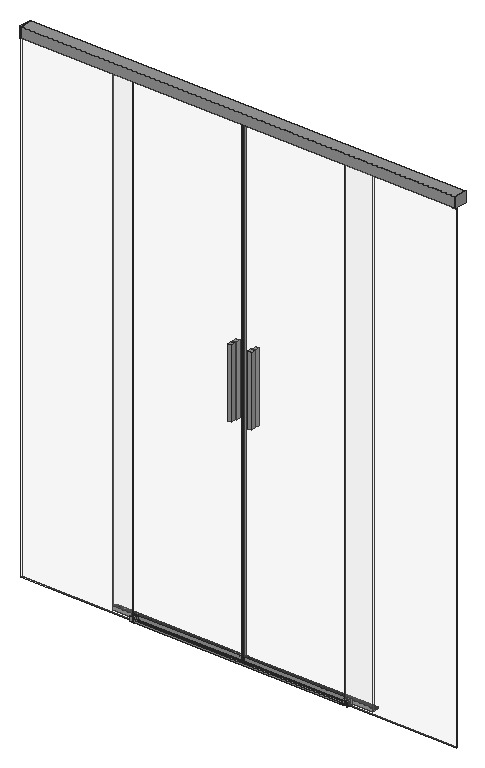
Revit family "Sanitary_Shower-screens_Duscholux_D5Custom20_Slider-twin-door-shower", category Aparatos sanitarios, Revit 2019
Family settings
  Cota de conector redondo = Diámetro de uso
  Tipo de pieza = Normal
  Número OmniClass = 23.45.00.00
  Título OmniClass = Sanitary, Laundry, and Cleaning Equipment
  Se basa en plano de trabajo = No
  Siempre vertical = Sí
  Corte con vacíos al cargar = No
  Compartido = No
  Punto de cálculo de habitación = No
Parameters (values of type "Black Aluminium Finish")
  Uper profile guide = Anodized Aluminium_Duscholux Material-Black Finish
  URL = "http://www.duscholux.es/"
  Thickness Safety Glass Sliding = 8 mm  # constant formula
  Technical Inspection Certificate (Applus) = "http://www.duscholux.es/resources/custom/var/APPLUS_en.pdf"
  Series = "D5"
  Ref. = "UAB"
  Products = "http://www.duscholux.es/mamparas_filtro.aspx?es"
  Optional = "Towel rail / Shelf / Customizable Uper profile guide"
  Opening System Image = "https://duscholux.es/resources/custom/img/mamparas/plumas/2F2PFDC.gif"
  Opening System = "Sliding"
  Opening Percentage = 0
  Modelo = "D5 Custom20"
  Maintenance and Cleaning = "http://www.duscholux.es/mamparas_limpieza.aspx?en"
  Image = "https://duscholux.es/resources/custom/img/mamparas/D5%20CUSTOM20/modelos/2F2PFDC/mampara_h.jpg"
  Handle Material = Anodized Aluminium_Duscholux Material-Black Finish
  Glass in Building UNE EN 12150 = "CE Conformity marking"
  Glass Material = Glass_Material-Duscholux
  Frame Material = Anodized Aluminium_Duscholux Material-Black Finish
  Fact Sheet = "https://duscholux.blob.core.windows.net/pdf2022/en/Custom2F2PFD.pdf"
  Fabricante = "Duscholux Ibérica, S.A."
  Thickness Safety Glass Fixed Panel = 8 mm  # constant formula
  Environmental Management ISO 14001 = "ECOEMBES Certificate"
  Descripción = "2 fixed segments + slider twin doors"
  Configuration enclosure = "http://configuratumampara.duscholux.es/eCatalogo.aspx"
  Components = "Eropean components"
  Combinations = "Lateral 90°"
  Código de montaje = "C1030200"
  Certified Quality UNE EN 14428 = "http://www.duscholux.es/duscholux_downloads.aspx?es"
  Opening Door = (((Min Max Width / 4) - 80 mm) * Opening Percentage / 100) + 5 mm  # 5 mm
  Sliding Door Width = (Min Max Width / 4) + 14 mm - 5 mm  # 559 mm
  Min Max Width = if(Width < 1400 mm, 1400 mm, if(Width > 2500 mm, 2500 mm, Width))  # 2200 mm
  Width = 2200 mm
  Handle Height = Max Height / 2  # 1250 mm
  Max Height = if(Height > 2500 mm, 2500 mm, Height)  # 2500 mm
  Height = 2500 mm
  Accesories Material = Anodized Aluminium_Duscholux Material-Black Finish
Types (4, lengths in mm): name | Uper profile guide | Opening System Image | Handle Material | Frame Material | Accesories Material
  (no name) | Anodized Aluminium_Duscholux Material-Black Finish | "https://duscholux.es/resources/custom/img/mamparas/plumas/2F2PFDC.gif" | Anodized Aluminium_Duscholux Material-Black Finish | Anodized Aluminium_Duscholux Material-Black Finish | Anodized Aluminium_Duscholux Material-Black Finish
  Matte Silver Aluminium Finish | Anodized Aluminium_Duscholux Material-Matte Silver Finish | "https://duscholux.es/resources/custom/img/mamparas/plumas/2F2PFDC.gif" | Zamac_Duscholux Material-Chrome Finish | Anodized Aluminium_Duscholux Material-Matte Silver Finish | Anodized Aluminium_Duscholux Material-Platinum Finish
  Platinum Aluminium Finish | Anodized Aluminium_Duscholux Material-Platinum Finish | "http://blob.duscholux.es/pluma512/FDIzq1f1pcorredera.gif" | Zamac_Duscholux Material-Chrome Finish | Anodized Aluminium_Duscholux Material-Platinum Finish | Anodized Aluminium_Duscholux Material-Platinum Finish
  Black Aluminium Finish | Anodized Aluminium_Duscholux Material-Black Finish | "https://duscholux.es/resources/custom/img/mamparas/plumas/2F2PFDC.gif" | Anodized Aluminium_Duscholux Material-Black Finish | Anodized Aluminium_Duscholux Material-Black Finish | Anodized Aluminium_Duscholux Material-Black Finish
Reference planes
  plane 1 "Centro (Frontal/Posterior)": y = 0
  plane 2: z = 0
  plane 3 "Centro (Izquierda/Derecha)": x = -5.5
  plane 4: x = 555.5
  plane 5: z = 2500
  plane 6: x = 1091.5
  plane 7: x = -8.5
  plane 8: z = 1250
  plane 9: x = 541.5
  plane 10: x = 527.25
  plane 11: y = 26.104
  plane 12: z = 0
  plane 13: x = 564.5
  plane 14: z = 2448
  plane 15: z = 2453.154
  plane 16: x = 293.398
  plane 17: x = 1627.5
  plane 18: x = 1641.5
  plane 19: x = 1655.75
  plane 20: x = 1618.5
  plane 21: x = 2191.5
  plane 22: x = 2188.5
Forms (mm)
  Extrusion 1, solid, material "Glass_Material-Duscholux" <- "Glass Material"
    sketch origin (500, 0, 0) x (1, 0, 0) y (0, 1, 0)
      loop
        line (-508.5, 4) -> (-508.5, -4) -> (55.5, -4) -> (55.5, 4) -> (-508.5, 4)
    from 1.937 to 2453.154
  Extrusion 2, solid, material "Glass_Material-Duscholux" <- "Glass Material"
    sketch origin (-739.119, -5.278, 0) x (1, 0, 0) y (0, 1, 0)
      loop
        line (1172.619, 35.382) -> (1172.619, 27.382) -> (1825.619, 27.382) -> (1825.619, 35.382) -> (1172.619, 35.382)
    from 3.247 to 2448
  Extrusion 3, solid, material "Anodized Aluminium_Duscholux Material-Black Finish" <- "Accesories Material", detail levels fine
    sketch origin (-5.5, -2.57, 0) x (0, 1, 0) y (0, 0, 1)
      loop
        line (-2.433, 7.579) -> (-2.433, 0) -> (7.636, 0) -> (7.636, 7.574)
        arc (7.636, 7.574) -> (6.912, 9.32) -> (5.166, 10.043) r 2.47
        line (5.166, 10.043) -> (0.032, 10.043)
        arc (0.032, 10.043) -> (-1.711, 9.321) -> (-2.433, 7.579) r 2.465
    from 570 to 1624
  Extrusion 4, solid, material "Anodized Aluminium_Duscholux Material-Black Finish" <- "Uper profile guide"
    sketch origin (-5.5, 0, 0) x (0, 1, 0) y (0, 0, 1)
      loop
        line (-9.997, 2499) -> (-9.997, 2449.124) -> (-7.5, 2449.124) -> (-7.5, 2499) -> (-9.997, 2499)
    from 0 to 2194
  Extrusion 5, solid, material "Anodized Aluminium_Duscholux Material-Black Finish" <- "Frame Material"
    sketch origin (-5.5, 0, 0) x (0, 1, 0) y (0, 0, 1)
      loop
        line (-9.993, 2500) -> (-9.993, 2499) -> (-7.5, 2499) -> (-7.5, 2449.124) -> (-9.993, 2449.124) -> (-9.993, 2448) -> (-5.497, 2448) -> (-5.497, 2453.154) -> (5.503, 2453.154) -> (5.503, 2448) -> (21.382, 2448) -> (21.382, 2451.5) -> (7.803, 2451.5) -> (7.803, 2489.372) -> (42.403, 2489.372) -> (42.403, 2451.5) -> (33.536, 2451.5) -> (30.913, 2451.5) -> (30.913, 2448) -> (51.003, 2448) -> (51.003, 2500) -> (-9.993, 2500)
    from 0 to 2194
  Extrusion 6, solid, material "Anodized Aluminium_Duscholux Material-Black Finish" <- "Accesories Material"
    sketch origin (-5.5, 0, 0) x (0, 1, 0) y (0, 0, 1)
      loop
        line (51.003, 2500) -> (-9.993, 2500) -> (-9.993, 2448) -> (-5.497, 2448) -> (-5.497, 2453.154) -> (5.503, 2453.154) -> (5.503, 2448) -> (51.003, 2448) -> (51.003, 2500)
    from -3 to 0
  Extrusion 7, solid, material "Anodized Aluminium_Duscholux Material-Black Finish" <- "Accesories Material", detail levels medium+fine
    sketch origin (0, 0, 0) x (1, 0, 0) y (0, 1, 0)
      loop
        line (541.5, 6.547) -> (541.5, 4.098) -> (555.5, 4.098) -> (555.5, -4.002) -> (541.5, -4.002) -> (541.5, -6.452)
        arc (541.5, -6.452) -> (541.646, -6.806) -> (542, -6.952) r 0.5
        line (542, -6.952) -> (564, -6.952)
        arc (564, -6.952) -> (564.353, -6.806) -> (564.5, -6.452) r 0.5
        line (564.5, -6.452) -> (564.5, 6.548)
        arc (564.5, 6.548) -> (564.354, 6.901) -> (564, 7.047) r 0.5
        line (564, 7.047) -> (542, 7.047)
        arc (542, 7.047) -> (541.646, 6.901) -> (541.5, 6.547) r 0.5
    from 0 to 23
  Extrusion 8, solid, material "Anodized Aluminium_Duscholux Material-Black Finish" <- "Accesories Material", detail levels medium+fine
    sketch origin (50, 0, 0) x (1, 0, 0) y (0, 1, 0)
      loop
        line (492.5, 8.348) -> (492.5, 7.047) -> (513.5, 7.047) -> (513.5, 8.348) -> (492.5, 8.348)
    from 0 to 18.641
  Extrusion 9, solid, material "Anodized Aluminium_Duscholux Material-Black Finish" <- "Accesories Material", detail levels medium+fine
    sketch origin (-5.5, -1.517, 0) x (0, 1, 0) y (0, 0, 1)
      loop
        line (18.142, 0) -> (32.674, 0) -> (32.674, 1.937) -> (22.658, 1.937) -> (22.048, 3.247) -> (22.048, 17.613)
        arc (22.048, 17.613) -> (21.323, 18.338) -> (20.598, 17.613) r 0.725
        line (20.598, 17.613) -> (20.598, 2.081)
        arc (20.598, 2.081) -> (19.751, 0.59) -> (18.142, 0) r 2.49
    from 548 to 569
  Extrusion 10, solid, material "Anodized Aluminium_Duscholux Material-Black Finish" <- "Accesories Material", detail levels medium+fine
    sketch origin (-5.5, 0, 0) x (0, 1, 0) y (0, 0, 1)
      loop
        line (16.624, 21.54) -> (8.348, 21.54) -> (8.348, 0) -> (16.624, 0)
        arc (16.624, 0) -> (18.234, 0.59) -> (19.08, 2.081) r 2.49
        line (19.08, 2.081) -> (19.08, 18.641)
        arc (19.08, 18.641) -> (18.524, 20.66) -> (16.624, 21.54) r 2.49
    from 547 to 570
  Extrusion 11, solid, material "Plástico, transparente", detail levels fine
    sketch origin (-5.5, 0, 0) x (0, 1, 0) y (0, 0, 1)
      loop
        line (53.604, 7.939) -> (30.613, 19.957)
        arc (30.613, 19.957) -> (30.035, 19.897) -> (29.865, 19.34) r 0.526
        line (29.865, 19.34) -> (30.104, 18.42) -> (30.104, 3.247) -> (22.104, 3.247) -> (22.104, 19.859) -> (21.222, 19.757) -> (21.222, 1.937) -> (31.156, 1.937) -> (31.156, 15.691)
        arc (31.156, 15.691) -> (31.449, 16.325) -> (32.121, 16.515) r 0.834
        line (32.121, 16.515) -> (52.104, 6.92) -> (52.104, 1.207)
        arc (52.104, 1.207) -> (52.809, 0.774) -> (53.604, 1.006) r 1.02
        line (53.604, 1.006) -> (53.604, 7.939)
    from 439 to 1092
  Extrusion 12, solid, material "Glass_Material-Duscholux" <- "Glass Material"
    sketch origin (1883, 0, 0) x (-1, 0, 0) y (0, -1, 0)
      loop
        line (-308.5, -4) -> (255.5, -4) -> (255.5, 4) -> (-308.5, 4) -> (-308.5, -4)
    from 1.937 to 2453.154
  Extrusion 13, solid, material "Glass_Material-Duscholux" <- "Glass Material"
    sketch origin (2612.071, -5.278, 0) x (-1, 0, 0) y (0, -1, 0)
      loop
        line (862.571, -35.382) -> (1515.571, -35.382) -> (1515.571, -27.382) -> (862.571, -27.382) -> (862.571, -35.382)
    from 3.247 to 2453.154
  Extrusion 14, solid, material "Anodized Aluminium_Duscholux Material-Black Finish" <- "Accesories Material", detail levels medium+fine
    sketch origin (2383, 0, 0) x (-1, 0, 0) y (0, -1, 0)
      loop
        arc (741.5, -6.547) -> (741.647, -6.901) -> (742, -7.047) r 0.5
        line (742, -7.047) -> (764, -7.047)
        arc (764, -7.047) -> (764.354, -6.901) -> (764.5, -6.548) r 0.5
        line (764.5, -6.548) -> (764.5, 6.452)
        arc (764.5, 6.452) -> (764.353, 6.806) -> (764, 6.952) r 0.5
        line (764, 6.952) -> (742, 6.952)
        arc (742, 6.952) -> (741.646, 6.806) -> (741.5, 6.452) r 0.5
        line (741.5, 6.452) -> (741.5, 4.002) -> (755.5, 4.002) -> (755.5, -4.098) -> (741.5, -4.098) -> (741.5, -6.547)
    from 0 to 23
  Extrusion 15, solid, material "Anodized Aluminium_Duscholux Material-Black Finish" <- "Accesories Material", detail levels medium+fine
    sketch origin (2333, 0, 0) x (-1, 0, 0) y (0, -1, 0)
      loop
        line (692.5, -8.348) -> (713.5, -8.348) -> (713.5, -7.047) -> (692.5, -7.047) -> (692.5, -8.348)
    from 0 to 18.641
  Extrusion 16, solid, material "Anodized Aluminium_Duscholux Material-Black Finish" <- "Accesories Material", detail levels medium+fine
    sketch origin (2388.5, -1.517, 0) x (0, 1, 0) y (0, 0, -1)
      loop
        arc (18.142, 0) -> (19.751, -0.59) -> (20.598, -2.081) r 2.49
        line (20.598, -2.081) -> (20.598, -17.613)
        arc (20.598, -17.613) -> (21.323, -18.338) -> (22.048, -17.613) r 0.725
        line (22.048, -17.613) -> (22.048, -3.247) -> (22.658, -1.937) -> (32.674, -1.937) -> (32.674, 0) -> (18.142, 0)
    from 748 to 769
  Extrusion 17, solid, material "Anodized Aluminium_Duscholux Material-Black Finish" <- "Accesories Material", detail levels medium+fine
    sketch origin (2388.5, 0, 0) x (0, 1, 0) y (0, 0, -1)
      loop
        arc (16.624, -21.54) -> (18.524, -20.66) -> (19.08, -18.641) r 2.49
        line (19.08, -18.641) -> (19.08, -2.081)
        arc (19.08, -2.081) -> (18.234, -0.59) -> (16.624, 0) r 2.49
        line (16.624, 0) -> (8.348, 0) -> (8.348, -21.54) -> (16.624, -21.54)
    from 747 to 770
  Extrusion 18, solid, material "Plástico, transparente", detail levels fine
    sketch origin (2388.5, 0, 0) x (0, 1, 0) y (0, 0, -1)
      loop
        line (53.604, -7.939) -> (53.604, -1.006)
        arc (53.604, -1.006) -> (52.809, -0.774) -> (52.104, -1.207) r 1.02
        line (52.104, -1.207) -> (52.104, -6.92) -> (32.121, -16.515)
        arc (32.121, -16.515) -> (31.449, -16.325) -> (31.156, -15.691) r 0.834
        line (31.156, -15.691) -> (31.156, -1.937) -> (21.222, -1.937) -> (21.222, -19.757) -> (22.104, -19.859) -> (22.104, -3.247) -> (30.104, -3.247) -> (30.104, -18.42) -> (29.865, -19.34)
        arc (29.865, -19.34) -> (30.035, -19.897) -> (30.613, -19.957) r 0.526
        line (30.613, -19.957) -> (53.604, -7.939)
    from 639 to 1292
  Extrusion 19, solid, material "Anodized Aluminium_Duscholux Material-Black Finish" <- "Accesories Material"
    sketch origin (2188.5, 0, 0) x (0, 1, 0) y (0, 0, -1)
      loop
        line (51.003, -2500) -> (51.003, -2448) -> (5.503, -2448) -> (5.503, -2453.154) -> (-5.497, -2453.154) -> (-5.497, -2448) -> (-9.993, -2448) -> (-9.993, -2500) -> (51.003, -2500)
    from -3 to 0
  Extrusion 20, solid, material "Anodized Aluminium_Duscholux Material-Black Finish" <- "Frame Material"
    sketch origin (0, 0, 0) x (1, 0, 0) y (0, 1, 0)
      loop
        line (1086.5, 22.104) -> (1090.275, 22.104)
        arc (1090.275, 22.104) -> (1091.141, 22.462) -> (1091.5, 23.328) r 1.225
        line (1091.5, 23.328) -> (1091.5, 28.876)
        arc (1091.5, 28.876) -> (1091.141, 29.744) -> (1090.273, 30.104) r 1.227
        line (1090.273, 30.104) -> (1086.5, 30.104) -> (1086.5, 22.104)
    from 3.247 to 2448
  Extrusion 21, solid, material "Anodized Aluminium_Duscholux Material-Black Finish" <- "Frame Material"
    sketch origin (0, 0, 0) x (1, 0, 0) y (0, 1, 0)
      loop
        line (1096.5, 30.104) -> (1092.702, 30.104)
        arc (1092.702, 30.104) -> (1091.852, 29.752) -> (1091.5, 28.902) r 1.202
        line (1091.5, 28.902) -> (1091.5, 23.3)
        arc (1091.5, 23.3) -> (1091.85, 22.454) -> (1092.696, 22.104) r 1.196
        line (1092.696, 22.104) -> (1096.5, 22.104) -> (1096.5, 30.104)
    from 3.247 to 2448
Cuts and joins
  joined: Extrusion 7, Extrusion 8
Lines and regions (mm)
  reference lines
    curve 1: line (-5.5, -2.4, 0) -> (-5.5, -2.4, 10)
    curve 2: line (2388.5, -2.4, 0) -> (2388.5, -2.4, 10)
Dimensions and locks
  locked: plane 7 to plane 3 "Centro (Izquierda/Derecha)" at 3
  "Handle Height": plane 8 to level
  level to Extrusion 3 = 10.043 mm
  locked: plane 9 to plane 4 at 14
  locked: plane 10 to plane 9 at 14.25
  "Max Height": plane 5 to plane 2
  locked: nested 2 to Extrusion 2 at 45
  locked: Extrusion 7 to Extrusion 2 at 19.753
  locked: plane 9 to plane 13 at 23
  locked: cut or joined group of Extrusion 7, Extrusion 8 to plane 13 at 1
  locked: plane 9 to Extrusion 9 at 1
  locked: plane 5 to plane 14 at 52
  locked: plane 5 to plane 15 at 46.846
  locked: plane 18 to plane 17 at 14
  locked: plane 19 to plane 18 at 14.25
  locked: plane 18 to plane 20 at 23
  "Width": plane 7 to plane 21
  equal spacing: plane 7, plane 9, plane 6, plane 18, plane 21
  locked: nested 4 to Extrusion 13 at 45
  locked: Extrusion 14 to Extrusion 13 at 19.753
  plane 18 to plane 20 = 23 mm
  locked: plane 18 to Extrusion 16 at 1
  locked: plane 22 to plane 21 at 3
  locked: plane 20 to Extrusion 16 at 1
  "Opening Door": Extrusion 2 to plane 6
  "Opening Door": plane 6 to Extrusion 13
  locked: Extrusion 2 to Extrusion 20 at 5
  locked: Extrusion 21 to Extrusion 13 at 5
  aligned and locked: level to plane 2
  aligned and locked: Extrusion 4 to plane 3 "Centro (Izquierda/Derecha)"
  aligned and locked: Extrusion 4 to Extrusion 5
  aligned and locked: plane 8 to nested 2
  aligned and locked: plane 8 to nested 1
  aligned and locked: Extrusion 6 to plane 7
  aligned and locked: plane 3 "Centro (Izquierda/Derecha)" to Extrusion 6
  aligned and locked: Extrusion 9 to cut or joined group of Extrusion 7, Extrusion 8  (x2)
  aligned and locked: cut or joined group of Extrusion 7, Extrusion 8 to Extrusion 9
  aligned and locked: Extrusion 3 to plane 13
  aligned and locked: Extrusion 3 to Extrusion 10
  aligned and locked: Extrusion 10 to plane 9
  aligned and locked: Extrusion 5 to plane 14
  aligned and locked: plane 15 to Extrusion 1
  aligned and locked: plane 14 to Extrusion 2
  aligned and locked: Extrusion 2 to Extrusion 11
  aligned and locked: Extrusion 13 to Extrusion 18
  aligned and locked: Extrusion 17 to plane 18
  aligned and locked: plane 20 to Extrusion 17
  aligned and locked: Extrusion 14 to plane 18
  aligned and locked: plane 20 to Extrusion 14
  aligned and locked: Extrusion 11 to Extrusion 2
  aligned and locked: Extrusion 18 to Extrusion 13
  aligned and locked: Extrusion 3 to plane 20
  aligned and locked: plane 15 to Extrusion 12
  aligned and locked: plane 15 to Extrusion 13
  aligned and locked: nested 3 to plane 8
  aligned and locked: nested 4 to plane 8
  aligned and locked: plane 22 to Extrusion 19
  aligned and locked: Extrusion 19 to plane 21
  aligned and locked: Extrusion 5 to plane 22
  aligned and locked: Extrusion 4 to Extrusion 19
  aligned and locked: Extrusion 20 sketch curve to Extrusion 2
  aligned and locked: Extrusion 21 sketch curve to Extrusion 13
  aligned and locked: plane 14 to Extrusion 21
  aligned and locked: plane 14 to Extrusion 20
  aligned and locked: Extrusion 21 to Extrusion 18
  aligned and locked: Extrusion 20 to Extrusion 11
Automatic sketch dimensions
  Extrusion 1 sketch curve to plane 7 = 0 mm
  Extrusion 1 sketch curve to plane 4 = 0 mm
  plane 1 "Centro (Frontal/Posterior)" to Extrusion 1 sketch curve = 4 mm
  Extrusion 1 sketch curve to plane 1 "Centro (Frontal/Posterior)" = 4 mm
  Extrusion 2 sketch curve to plane 10 = 93.75 mm
  Extrusion 2 sketch curve to plane 6 = 5 mm
  Extrusion 2 sketch curve to plane 11 = 4 mm
  plane 11 to Extrusion 2 sketch curve = 4 mm
  curve 1 to level = 0 mm
  plane 1 "Centro (Frontal/Posterior)" to curve 1 = 2.4 mm
  curve 1 to curve 1 = 10 mm
  Extrusion 3 sketch curve to level = 0 mm
  plane 1 "Centro (Frontal/Posterior)" to Extrusion 3 sketch curve = 5.003 mm
  Extrusion 3 sketch curve to Extrusion 3 sketch curve = 2.465 mm
  Extrusion 3 sketch curve to plane 1 "Centro (Frontal/Posterior)" = 2.596 mm
  Extrusion 3 sketch curve to plane 1 "Centro (Frontal/Posterior)" = 5.066 mm
  Extrusion 3 sketch curve to Extrusion 3 sketch curve = 7.574 mm
  plane 14 to Extrusion 4 sketch curve = 1.124 mm
  plane 1 "Centro (Frontal/Posterior)" to Extrusion 4 sketch curve = 9.997 mm
  Extrusion 4 sketch curve to Extrusion 4 sketch curve = 2.497 mm
  Extrusion 4 sketch curve to plane 5 = 1 mm
  Extrusion 5 sketch curve to plane 5 = 0 mm
  Extrusion 5 sketch curve to plane 14 = 0 mm  (x3)
  Extrusion 5 sketch curve to plane 15 = 0 mm
  plane 1 "Centro (Frontal/Posterior)" to Extrusion 5 sketch curve = 9.993 mm  (x2)
  plane 14 to Extrusion 5 sketch curve = 1.124 mm
  Extrusion 5 sketch curve to plane 5 = 1 mm
  Extrusion 5 sketch curve to Extrusion 5 sketch curve = 2.493 mm
  Extrusion 5 sketch curve to Extrusion 5 sketch curve = 2.003 mm
  Extrusion 5 sketch curve to plane 1 "Centro (Frontal/Posterior)" = 5.503 mm
  Extrusion 5 sketch curve to plane 1 "Centro (Frontal/Posterior)" = 7.803 mm
  Extrusion 5 sketch curve to plane 11 = 4.721 mm
  Extrusion 5 sketch curve to plane 15 = 1.654 mm  (x2)
  plane 11 to Extrusion 5 sketch curve = 4.809 mm
  Extrusion 5 sketch curve to Extrusion 5 sketch curve = 2.623 mm
  plane 11 to Extrusion 5 sketch curve = 16.3 mm
  Extrusion 5 sketch curve to Extrusion 5 sketch curve = 8.6 mm
  Extrusion 5 sketch curve to plane 5 = 10.628 mm
  Extrusion 6 sketch curve to plane 5 = 0 mm
  Extrusion 6 sketch curve to plane 14 = 0 mm  (x2)
  Extrusion 6 sketch curve to plane 15 = 0 mm
  plane 1 "Centro (Frontal/Posterior)" to Extrusion 6 sketch curve = 9.993 mm
  plane 1 "Centro (Frontal/Posterior)" to Extrusion 6 sketch curve = 5.497 mm
  Extrusion 6 sketch curve to plane 1 "Centro (Frontal/Posterior)" = 5.503 mm
  plane 11 to Extrusion 6 sketch curve = 24.9 mm
  Extrusion 7 sketch curve to plane 4 = 0 mm
  Extrusion 7 sketch curve to plane 13 = 0 mm
  plane 9 to Extrusion 7 sketch curve = 0.5 mm  (x2)
  plane 9 to Extrusion 7 sketch curve = 0 mm
  Extrusion 7 sketch curve to plane 9 = 0 mm
  Extrusion 7 sketch curve to plane 13 = 0.5 mm
  Extrusion 7 sketch curve to Extrusion 7 sketch curve = 0.5 mm
  plane 1 "Centro (Frontal/Posterior)" to Extrusion 7 sketch curve = 6.952 mm
  Extrusion 7 sketch curve to Extrusion 7 sketch curve = 2.45 mm
  Extrusion 7 sketch curve to plane 1 "Centro (Frontal/Posterior)" = 4.098 mm
  Extrusion 7 sketch curve to Extrusion 7 sketch curve = 2.449 mm
  plane 9 to Extrusion 8 sketch curve = 1 mm
  Extrusion 8 sketch curve to plane 13 = 1 mm
  Extrusion 8 sketch curve to plane 1 "Centro (Frontal/Posterior)" = 7.047 mm
  Extrusion 8 sketch curve to Extrusion 8 sketch curve = 1.3 mm
  Extrusion 9 sketch curve to level = 0 mm
  Extrusion 9 sketch curve to plane 11 = 9.479 mm
  Extrusion 9 sketch curve to plane 11 = 7.023 mm
  Extrusion 9 sketch curve to Extrusion 9 sketch curve = 0.725 mm
  level to Extrusion 9 sketch curve = 1.937 mm
  Extrusion 9 sketch curve to Extrusion 9 sketch curve = 0.611 mm
  plane 11 to Extrusion 9 sketch curve = 5.053 mm
  Extrusion 9 sketch curve to Extrusion 9 sketch curve = 0.143 mm
  Extrusion 9 sketch curve to Extrusion 9 sketch curve = 1.31 mm
  Extrusion 9 sketch curve to Extrusion 9 sketch curve = 14.366 mm
  Extrusion 10 sketch curve to level = 0 mm
  Extrusion 10 sketch curve to plane 1 "Centro (Frontal/Posterior)" = 8.348 mm
  Extrusion 10 sketch curve to Extrusion 10 sketch curve = 8.277 mm  (x2)
  level to Extrusion 10 sketch curve = 2.081 mm
  Extrusion 10 sketch curve to Extrusion 10 sketch curve = 2.456 mm
  Extrusion 10 sketch curve to Extrusion 10 sketch curve = 16.152 mm
  Extrusion 10 sketch curve to Extrusion 10 sketch curve = 0.409 mm
  level to Extrusion 11 sketch curve = 1.937 mm
  Extrusion 11 sketch curve to plane 11 = 4.882 mm
  Extrusion 11 sketch curve to Extrusion 11 sketch curve = 0.882 mm
  plane 11 to Extrusion 11 sketch curve = 3.761 mm
  Extrusion 11 sketch curve to Extrusion 11 sketch curve = 0.239 mm
  Extrusion 11 sketch curve to Extrusion 11 sketch curve = 0.504 mm
  Extrusion 11 sketch curve to Extrusion 11 sketch curve = 0.244 mm
  Extrusion 11 sketch curve to Extrusion 11 sketch curve = 1.053 mm
  Extrusion 11 sketch curve to Extrusion 11 sketch curve = 0.834 mm
  Extrusion 11 sketch curve to Extrusion 11 sketch curve = 0.131 mm
  level to Extrusion 11 sketch curve = 1.207 mm
  Extrusion 11 sketch curve to Extrusion 11 sketch curve = 20.947 mm
  Extrusion 11 sketch curve to Extrusion 11 sketch curve = 0.841 mm
  Extrusion 11 sketch curve to Extrusion 11 sketch curve = 0.659 mm
  level to Extrusion 11 sketch curve = 1.006 mm
  Extrusion 11 sketch curve to Extrusion 11 sketch curve = 1.31 mm
  Extrusion 11 sketch curve to Extrusion 11 sketch curve = 5.136 mm
  Extrusion 11 sketch curve to Extrusion 11 sketch curve = 1.019 mm
  Extrusion 11 sketch curve to Extrusion 11 sketch curve = 12.444 mm
  Extrusion 11 sketch curve to Extrusion 11 sketch curve = 1.906 mm
  Extrusion 11 sketch curve to Extrusion 11 sketch curve = 0.92 mm
  Extrusion 11 sketch curve to Extrusion 11 sketch curve = 0.15 mm
  Extrusion 11 sketch curve to Extrusion 11 sketch curve = 0.416 mm
  Extrusion 11 sketch curve to Extrusion 11 sketch curve = 0.103 mm
  Extrusion 12 sketch curve to plane 21 = 0 mm
  Extrusion 12 sketch curve to plane 17 = 0 mm
  Extrusion 12 sketch curve to plane 1 "Centro (Frontal/Posterior)" = 4 mm
  plane 1 "Centro (Frontal/Posterior)" to Extrusion 12 sketch curve = 4 mm
  plane 19 to Extrusion 13 sketch curve = 93.75 mm
  Extrusion 13 sketch curve to plane 6 = 5 mm
  plane 11 to Extrusion 13 sketch curve = 4 mm
  Extrusion 13 sketch curve to plane 11 = 4 mm
  Extrusion 14 sketch curve to plane 18 = 0 mm  (x2)
  Extrusion 14 sketch curve to plane 17 = 0 mm
  Extrusion 14 sketch curve to plane 20 = 0 mm
  Extrusion 14 sketch curve to Extrusion 14 sketch curve = 0.5 mm
  Extrusion 14 sketch curve to plane 18 = 0.5 mm
  plane 20 to Extrusion 14 sketch curve = 0.5 mm  (x2)
  Extrusion 14 sketch curve to plane 1 "Centro (Frontal/Posterior)" = 6.952 mm
  Extrusion 14 sketch curve to Extrusion 14 sketch curve = 2.45 mm
  plane 1 "Centro (Frontal/Posterior)" to Extrusion 14 sketch curve = 4.098 mm
  Extrusion 14 sketch curve to Extrusion 14 sketch curve = 2.449 mm
  Extrusion 15 sketch curve to plane 18 = 1 mm
  plane 20 to Extrusion 15 sketch curve = 1 mm
  plane 1 "Centro (Frontal/Posterior)" to Extrusion 15 sketch curve = 7.047 mm
  Extrusion 15 sketch curve to Extrusion 15 sketch curve = 1.3 mm
  Extrusion 16 sketch curve to level = 0 mm
  plane 11 to Extrusion 16 sketch curve = 9.479 mm
  plane 11 to Extrusion 16 sketch curve = 7.023 mm
  Extrusion 16 sketch curve to Extrusion 16 sketch curve = 0.725 mm
  Extrusion 16 sketch curve to level = 1.937 mm
  Extrusion 16 sketch curve to Extrusion 16 sketch curve = 0.611 mm
  Extrusion 16 sketch curve to plane 11 = 5.053 mm
  Extrusion 16 sketch curve to Extrusion 16 sketch curve = 0.143 mm
  Extrusion 16 sketch curve to Extrusion 16 sketch curve = 1.31 mm
  Extrusion 16 sketch curve to Extrusion 16 sketch curve = 14.366 mm
  Extrusion 17 sketch curve to level = 0 mm
  plane 1 "Centro (Frontal/Posterior)" to Extrusion 17 sketch curve = 8.348 mm
  Extrusion 17 sketch curve to Extrusion 17 sketch curve = 8.277 mm  (x2)
  Extrusion 17 sketch curve to level = 2.081 mm
  Extrusion 17 sketch curve to Extrusion 17 sketch curve = 2.456 mm
  Extrusion 17 sketch curve to Extrusion 17 sketch curve = 16.152 mm
  Extrusion 17 sketch curve to Extrusion 17 sketch curve = 0.409 mm
  Extrusion 18 sketch curve to level = 1.937 mm
  plane 11 to Extrusion 18 sketch curve = 4.882 mm
  Extrusion 18 sketch curve to Extrusion 18 sketch curve = 0.882 mm
  Extrusion 18 sketch curve to plane 11 = 3.761 mm
  Extrusion 18 sketch curve to Extrusion 18 sketch curve = 0.239 mm
  Extrusion 18 sketch curve to Extrusion 18 sketch curve = 0.504 mm
  Extrusion 18 sketch curve to Extrusion 18 sketch curve = 0.244 mm
  Extrusion 18 sketch curve to Extrusion 18 sketch curve = 1.053 mm
  Extrusion 18 sketch curve to Extrusion 18 sketch curve = 0.834 mm
  Extrusion 18 sketch curve to Extrusion 18 sketch curve = 0.131 mm
  Extrusion 18 sketch curve to level = 1.207 mm
  Extrusion 18 sketch curve to Extrusion 18 sketch curve = 20.947 mm
  Extrusion 18 sketch curve to Extrusion 18 sketch curve = 0.841 mm
  Extrusion 18 sketch curve to Extrusion 18 sketch curve = 0.659 mm
  Extrusion 18 sketch curve to level = 1.006 mm
  Extrusion 18 sketch curve to Extrusion 18 sketch curve = 1.31 mm
  Extrusion 18 sketch curve to Extrusion 18 sketch curve = 5.136 mm
  Extrusion 18 sketch curve to Extrusion 18 sketch curve = 1.019 mm
  Extrusion 18 sketch curve to Extrusion 18 sketch curve = 12.444 mm
  Extrusion 18 sketch curve to Extrusion 18 sketch curve = 1.906 mm
  Extrusion 18 sketch curve to Extrusion 18 sketch curve = 0.92 mm
  Extrusion 18 sketch curve to Extrusion 18 sketch curve = 0.15 mm
  Extrusion 18 sketch curve to Extrusion 18 sketch curve = 0.416 mm
  Extrusion 18 sketch curve to Extrusion 18 sketch curve = 0.103 mm
  curve 2 to level = 0 mm
  curve 2 to plane 1 "Centro (Frontal/Posterior)" = 2.4 mm
  curve 2 to level = 10 mm
  Extrusion 19 sketch curve to plane 5 = 0 mm
  Extrusion 19 sketch curve to plane 14 = 0 mm  (x2)
  Extrusion 19 sketch curve to plane 15 = 0 mm
  plane 1 "Centro (Frontal/Posterior)" to Extrusion 19 sketch curve = 9.993 mm
  plane 1 "Centro (Frontal/Posterior)" to Extrusion 19 sketch curve = 5.497 mm
  Extrusion 19 sketch curve to plane 1 "Centro (Frontal/Posterior)" = 5.503 mm
  plane 11 to Extrusion 19 sketch curve = 24.9 mm
  Extrusion 20 sketch curve to Extrusion 20 sketch curve = 3.773 mm
  Extrusion 20 sketch curve to Extrusion 20 sketch curve = 3.775 mm
  Extrusion 20 sketch curve to Extrusion 20 sketch curve = 1.227 mm
  Extrusion 20 sketch curve to plane 11 = 4 mm
  plane 11 to Extrusion 20 sketch curve = 2.773 mm
  Extrusion 21 sketch curve to Extrusion 21 sketch curve = 3.798 mm
  Extrusion 21 sketch curve to Extrusion 21 sketch curve = 3.804 mm
  Extrusion 21 sketch curve to Extrusion 21 sketch curve = 1.196 mm
  Extrusion 21 sketch curve to plane 11 = 4 mm
  plane 11 to Extrusion 21 sketch curve = 2.798 mm
Nested families
  nested 1: "Handle-ext-D5" at (1041.5, 22.104, 1250) x (-1, 0, 0) z (0, -1, 0), type "Handle-ext-D5", detail levels medium+fine
  nested 2: "Handle-int-D5" at (1041.5, 30.104, 1250) x (1, 0, 0) z (0, 1, 0), type "Handle-int-D5", detail levels medium+fine
  nested 3: "Handle-ext-D5" at (1141.5, 22.104, 1250) x (1, 0, 0) z (0, -1, 0), type "Handle-ext-D5", detail levels medium+fine
  nested 4: "Handle-int-D5" at (1141.5, 30.104, 1250) x (-1, 0, 0) z (0, 1, 0), type "Handle-int-D5", detail levels medium+fine
Definition of nested family "Handle-ext-D5"
  Parameters (values of type "Handle-ext-D5")
    Long. tirador = 350 mm
    Handle Material = none
    Espesor = 19 mm
    Default Elevation = 1219.2 mm
  Reference planes
    plane 1 "Centro (Frontal/Posterior)": y = 0
    plane 2: z = 0
    plane 3 "Centro (Izquierda/Derecha)": x = 0
    plane 4: y = 175
    plane 5: y = -175
    plane 6: x = -9.5
    plane 7: x = 9.5
    plane 8: z = 0
    plane 9: z = 21
  Forms (mm)
    Extrusion 1, solid
      sketch origin (0, 0, 0) x (1, 0, 0) y (0, 1, 0)
        loop
          line (-1219.2, 1219.2) -> (-1219.2, -1219.2) -> (1219.2, -1219.2) -> (1219.2, 1219.2) -> (-1219.2, 1219.2)
      from 0 to -304.8
    Extrusion 2, solid, material <- "Handle Material"
      sketch origin (0, 0, 0) x (1, 0, 0) y (0, 0, 1)
        loop
          line (-9.5, 21) -> (-9.5, 0) -> (9.5, 0) -> (9.5, 21) -> (-9.5, 21)
      from -175 to 175
  Dimensions and locks
    equal spacing: plane 4, plane 1 "Centro (Frontal/Posterior)", plane 5
    equal spacing: plane 6, plane 3 "Centro (Izquierda/Derecha)", plane 7
    "Espesor": plane 6 to plane 7
    "Long. tirador": plane 4 to plane 5
    locked: plane 9 to Extrusion 1 at 21
    aligned and locked: plane 2 to Extrusion 1
    aligned and locked: level to Extrusion 1
    aligned and locked: plane 9 to Extrusion 2
    aligned and locked: plane 7 to Extrusion 2
    aligned and locked: Extrusion 2 to plane 6
    aligned and locked: Extrusion 2 to Extrusion 1
    aligned and locked: plane 4 to Extrusion 2
    aligned and locked: Extrusion 2 to plane 5
  Automatic sketch dimensions
    Extrusion 1 sketch curve to Extrusion 1 sketch curve = 2438.4 mm  (x2)
    Extrusion 2 sketch curve to plane 6 = 0 mm
    Extrusion 2 sketch curve to level = 0 mm
    Extrusion 2 sketch curve to plane 7 = 0 mm
    Extrusion 2 sketch curve to plane 9 = 0 mm
Definition of nested family "Handle-int-D5"
  Parameters (values of type "Handle-int-D5")
    Long. tirador = 350 mm
    Handle Material = none
    Espesor = 19 mm
    Default Elevation = 1219.2 mm
  Reference planes
    plane 1 "Centro (Frontal/Posterior)": y = 0
    plane 2: z = 0
    plane 3 "Centro (Izquierda/Derecha)": x = 0
    plane 4: y = 175
    plane 5: y = -175
    plane 6: x = -9.5
    plane 7: x = 9.5
    plane 8: z = 0
    plane 9: z = 19
  Forms (mm)
    Extrusion 1, solid
      sketch origin (0, 0, 0) x (1, 0, 0) y (0, 1, 0)
        loop
          line (-1219.2, 1219.2) -> (-1219.2, -1219.2) -> (1219.2, -1219.2) -> (1219.2, 1219.2) -> (-1219.2, 1219.2)
      from 0 to -304.8
    Extrusion 2, solid, material <- "Handle Material"
      sketch origin (0, 0, 0) x (1, 0, 0) y (0, 0, 1)
        loop
          line (-9.5, 19) -> (-9.5, 0) -> (9.5, 0) -> (9.5, 19) -> (-9.5, 19)
      from -175 to 175
  Dimensions and locks
    equal spacing: plane 4, plane 1 "Centro (Frontal/Posterior)", plane 5
    equal spacing: plane 6, plane 3 "Centro (Izquierda/Derecha)", plane 7
    "Espesor": plane 6 to plane 7
    "Long. tirador": plane 4 to plane 5
    locked: plane 9 to Extrusion 1 at 19
    aligned and locked: plane 2 to Extrusion 1
    aligned and locked: level to Extrusion 1
    aligned and locked: plane 9 to Extrusion 2
    aligned and locked: plane 7 to Extrusion 2
    aligned and locked: Extrusion 2 to plane 6
    aligned and locked: Extrusion 2 to Extrusion 1
    aligned and locked: plane 4 to Extrusion 2
    aligned and locked: Extrusion 2 to plane 5
  Automatic sketch dimensions
    Extrusion 1 sketch curve to Extrusion 1 sketch curve = 2438.4 mm  (x2)
    Extrusion 2 sketch curve to plane 6 = 0 mm
    Extrusion 2 sketch curve to level = 0 mm
    Extrusion 2 sketch curve to plane 7 = 0 mm
    Extrusion 2 sketch curve to plane 9 = 0 mm
